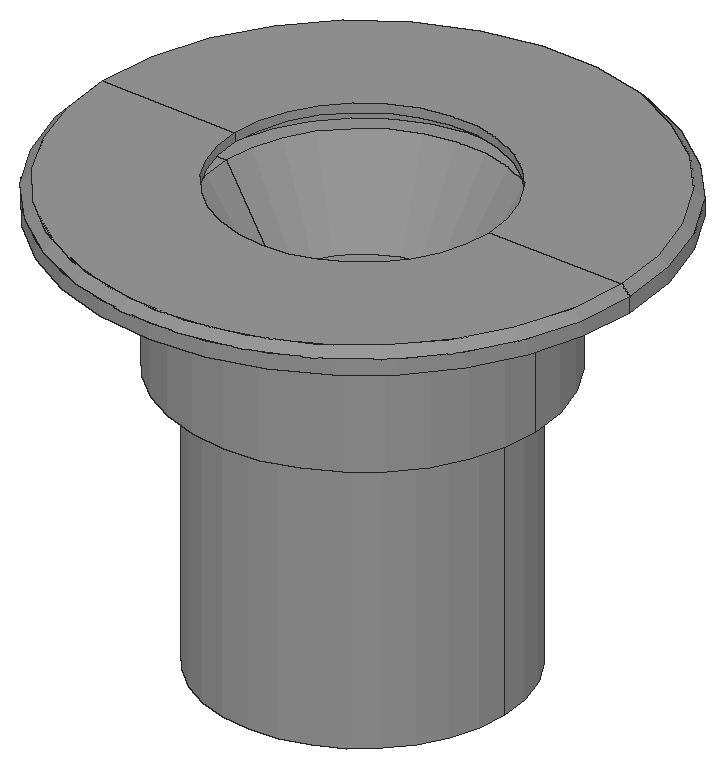
Revit family "0005173", category Lighting Fixtures, host Face, Revit 2017
Family settings
  Host = Face
  Round Connector Dimension = Use Diameter
  Part Type = Normal
  OmniClass Number = 23.80.70.00
  OmniClass Title = Lighting
  Cut with Voids When Loaded = No
  Light Source = No
  Shared = No
  Room Calculation Point = No
Parameters (values of type "0005173 START ECO SPOT ALU 760LM 840 IP44 BRA + WHT Refl")
  Weight = "kg"
  Wattage Comments = ""
  WarrantyStartDate [instance] = "n/a"
  WarrantyGuarantorParts = "n/a"
  WarrantyDurationUnit = "n/a"
  WarrantyDurationParts = "n/a"
  WarrantyDescription = "n/a"
  Voltage = 230 V
  URL = "http://www.sylvania-lighting.com"
  TypeName = "Start eco Spot Aluminium 800lm 840 IP44 BRA + WHT Refl"
  TypeLamp_SYL = START eco Spot Aluminium lamp : 0005173 START ECO SPOT ALU 760LM 840 IP44 BRA + WHT Refl
  Type Image = <None>
  Type Comments = "n/a"
  TiltAnfle_SYL [instance] = 0.00°
  SerialNumber [instance] = "n/a"
  PowerFactor = 0
  PowerConsumption = "9 W"
  NominalLength = 86 mm
  NominalHeight = 64 mm
  NominalDepth = 86 mm
  Name = "Start eco Spot Aluminium 800lm 840 IP44 BRA + WHT Refl"
  ModelReference = Name  # "Start eco Spot Aluminium 800lm 840 IP44 BRA + WHT Refl"
  ModelNumber = "0005173"
  Model = Name  # "Start eco Spot Aluminium 800lm 840 IP44 BRA + WHT Refl"
  Material = "n/a"
  ManufacturerName = "Feilo Sylvania"
  Manufacturer = "Feilo Sylvania"
  LuminousEfficacy = "88.88 lm/W"
  LuminaireType = ""
  LightOutputRatio = "n/a"
  LampsType = Lamp  # "LED"
  LampNominalLuminous = "800 lm"
  LampMacAdamStep = "n/a"
  LampColourTemperature = "4000 K"
  LampColourRenderingIndex = "80"
  Lamp = "LED"
  Keynote = "16500"
  InstallationDate [instance] = "n/a"
  InputVoltage = "220-240 V AC"
  InputNominalFrequency = "50/60 Hz"
  IngressProtection = "IP20/IP44"
  ImpactProtectionIndex = "IK03"
  IfcExportType = "IfcLightFixtureType"
  IfcExportAs = "IfcLightFixtureType"
  EndAngle_SYL [instance] = TiltAnfle_SYL + 180.00°  # 180.00°
  ElectricShockClassification = "Class II"
  DocumentationLiterature = "http://www.sylvania-lighting.com/product/en-int/products/0005173"
  DimmingControlOptions = "n/a"
  Material_2_SYL = Brushed Aluminum
  Description = "Integrated LED recessed spotlight, vertical tilt 30°, brushed aluminium bezel finish, black repleceable reflector, 760lm, 9.0W, dimmable trailing/leading edge, 4000K, 40° degree beam angle, polycarbonate and aluminium body, low profile 62mm recessed depth, IP44 from the front, IK03, loop-in/loop-out terminals for fast wiring, weight 0,165Kg, 85mm bezel diameter, 68-74mm cutout, clear lens. Additional white reflector included in the packaging. Lifetime: 30.000 hours at L70. Energy Class: A++, A+, A."
  Default Elevation = 1219.2 mm
  CreatedOn = "12/16/2019"
  CreatedBy = "@sylvania-lighting.com"
  Cost = 0
  built-in parameter 1114216 [instance] = (empty or 0)
  ClassificationValue = "EF_70_80"
  ClassificationName = "Uniclass2015"
  Material_1_SYL = Brushed Aluminum
  BarCode [instance] = "n/a"
  AssetType = "Fixed"
  AssetIdentifier [instance] = "n/a"
  Assembly Code = "D5020200"
  Apparent Load = 9 VA
Types (2, lengths in mm): name | TypeName | TypeLamp_SYL | Name | ModelReference | Model | LuminousEfficacy | LampNominalLuminous
  0005173 START ECO SPOT ALU 760LM 840 IP44 BRA + WHT Refl | "Start eco Spot Aluminium 800lm 840 IP44 BRA + WHT Refl" | START eco Spot Aluminium lamp : 0005173 START ECO SPOT ALU 760LM 840 IP44 BRA + WHT Refl | "Start eco Spot Aluminium 800lm 840 IP44 BRA + WHT Refl" | "Start eco Spot Aluminium 800lm 840 IP44 BRA + WHT Refl" | "Start eco Spot Aluminium 800lm 840 IP44 BRA + WHT Refl" | "88.88 lm/W" | "800 lm"
  0005173 START ECO SPOT ALU 760LM 840 IP44 BRA + BLK Refl | "Start eco Spot Aluminium 760lm 840 IP44 BRA + BLK Refl" | START eco Spot Aluminium lamp : 0005173 START ECO SPOT ALU 760LM 840 IP44 BRA + BLK Refl | "Start eco Spot Aluminium 760lm 840 IP44 BRA + BLK Refl" | "Start eco Spot Aluminium 760lm 840 IP44 BRA + BLK Refl" | "Start eco Spot Aluminium 760lm 840 IP44 BRA + BLK Refl" | "84.44 lm/W" | "760 lm"
Reference planes
  plane 1 "Center (Front/Back)": y = 0
  plane 2: z = 0
  plane 3 "Center (Left/Right)": x = 0
  plane 4: z = 4
  plane 5: z = 2.5
  plane 6: x = -47.8
  plane 7: x = -46.3
  plane 8: x = -24.2
  plane 9: x = -22.7
  plane 10: z = -10.75
  plane 11: x = -31
  plane 12: z = -25
  plane 13: z = -60
  plane 14: x = -27.4
Forms (mm)
  Revolve 1, solid, material "Brushed Aluminum" <- "Material_1_SYL"
    sketch origin (0, 0, 0) x (1, 0, 0) y (0, 0, 1)
      loop
        line (-22.7, 4) -> (-46.3, 4) -> (-47.8, 2.5) -> (-47.8, 0) -> (-31, 0) -> (-31, -25) -> (-27.4, -25) -> (-27.4, 2.5) -> (-22.7, 2.5) -> (-22.7, 4)
      axis (0, 4) -> (0, -25)
    angle from 360 to 0
  Revolve 2, void
    sketch origin (0, 0, 0) x (1, 0, 0) y (0, 0, 1)
      loop
        line (0, -70.042) -> (0, 0) -> (-31, 0) -> (-31, -70.042) -> (0, -70.042)
      axis (0, 0) -> (0, -70.042)
    angle from 360 to 0
  Revolve 3, solid, not visible
    sketch origin (-1534.635, -4572, -10.75) x (-1, 0, 0) y (0, -1, 0)
      loop
        line (-1534.635, -4572) -> (-1519.635, -4572) -> (-1519.635, -4564.52) -> (-1534.635, -4564.52) -> (-1534.635, -4572)
      axis (-1534.635, -4572) -> (-1519.635, -4572)
    angle from 0 <- "TiltAnfle_SYL" to 180 <- "EndAngle_SYL"
Dimensions and locks
  locked: plane 4 to plane 10 at 14.75
  aligned and locked: plane 2 to host face
  aligned and locked: level to host face
  aligned and locked: plane 4 to Revolve 1 sketch curve
  aligned and locked: plane 6 to Revolve 1 sketch curve
  aligned and locked: Revolve 1 sketch curve to plane 6
  aligned and locked: Revolve 1 sketch curve to level
  aligned and locked: Revolve 1 sketch curve to plane 11
  aligned and locked: Revolve 2 sketch curve to plane 3 "Center (Left/Right)"  (x2)
  aligned and locked: Revolve 1 to Revolve 2 sketch curve
  aligned and locked: Revolve 2 sketch curve to Revolve 1
  aligned and locked: Revolve 1 sketch curve to plane 3 "Center (Left/Right)"
  aligned and locked: Revolve 3 sketch curve to plane 1 "Center (Front/Back)"
  aligned and locked: Revolve 3 sketch curve to Revolve 3 sketch curve
  aligned and locked: plane 3 "Center (Left/Right)" to Revolve 3 sketch curve
  aligned and locked: plane 3 "Center (Left/Right)" to nested 1
  aligned and locked: Revolve 1 sketch curve to plane 14
  aligned and locked: Revolve 1 sketch curve to plane 5
Nested families
  nested 1: "START eco Spot Aluminium lamp" at (0, 0, -10.75), type <- "TypeLamp_SYL", type "0005173 START ECO SPOT ALU 760LM 840 IP44 BRA + WHT Refl"
    with WarrantyStartDate "n/a", SerialNumber "n/a", InstallationDate "n/a", built-in parameter 1114216 (empty or 0), BarCode "n/a", AssetIdentifier "n/a"
Connectors
  electrical at (0, 0, -60), driven by "PowerFactor", driven by "Apparent Load", driven by "Voltage"
    settings: on Revolve 1, index 1, voltage 230 V, apparent load 9 VA, apparent load phase1 0 VA, apparent load phase2 0 VA, apparent load phase3 0 VA, power factor 0, load classification "Other", number of poles 1, system type 30, power factor state 1, is connector primary yes, connector utility no, sub classification motor no, connector description ""
Definition of nested family "START eco Spot Aluminium lamp"
  Parameters (values of type "0005177 START ECO SPOT ALU 760LM 840 IP65 BRA")
    Weight = "kg"
    Wattage Comments = ""
    Wattage = 9 W
    WarrantyStartDate [instance] = "n/a"
    WarrantyGuarantorParts = "n/a"
    WarrantyDurationUnit = "n/a"
    WarrantyDurationParts = "n/a"
    WarrantyDescription = "n/a"
    built-in parameter 1150110 = 1 (stored number, unit not read)
    Voltage = 230 V
    URL = "http://www.sylvania-lighting.com"
    TypeName = "Start eco Spot Aluminium 760lm 840 IP65 BRA"
    Type Image = (empty or 0)
    Type Comments = "n/a"
    built-in parameter 1114217 = 1 (stored number, unit not read)
    Tilt Angle = -90.00°
    built-in parameter 1150109 = 1 (stored number, unit not read)
    built-in parameter 1150134 = 12
    built-in parameter 1150113 = 1 (stored number, unit not read)
    SerialNumber [instance] = "n/a"
    Photometric Web File = "0005177.ies"
    Material_3_SYL = none
    PowerFactor = 0
    PowerConsumption = "n/a"
    NominalLength = 0 mm
    NominalHeight = 0 mm
    NominalDepth = 0 mm
    Name = "Start eco Spot Aluminium 760lm 840 IP65 BRA"
    ModelReference = Name  # "Start eco Spot Aluminium 760lm 840 IP65 BRA"
    ModelNumber = "0005177"
    Model = Name  # "Start eco Spot Aluminium 760lm 840 IP65 BRA"
    Material = "n/a"
    ManufacturerName = "Feilo Sylvania"
    Manufacturer = "Feilo Sylvania"
    LuminousEfficacy = "n/a"
    built-in parameter 1150105 = 60.479 (stored number, unit not read)
    Lumens = 760 lm
    LuminaireType = ""
    built-in parameter 1150115 = 1 (stored number, unit not read)
    LightOutputRatio = "n/a"
    built-in parameter 1150137 = (empty or 0)
    built-in parameter 1150139 = (empty or 0)
    LampsType = Lamp  # "LED"
    LampNominalLuminous = "n/a"
    LampMacAdamStep = "n/a"
    LampColourTemperature = "n/a"
    LampColourRenderingIndex = "n/a"
    built-in parameter 1150112 = 1 (stored number, unit not read)
    built-in parameter 1150114 = 1 (stored number, unit not read)
    Lamp = "LED"
    Keynote = "16500"
    InstallationDate [instance] = "n/a"
    InputVoltage = "n/a"
    InputNominalFrequency = "n/a"
    built-in parameter 1150132 = (empty or 0)
    built-in parameter 1150102 = (empty or 0)
    built-in parameter 1150107 = 4000 (stored number, unit not read)
    built-in parameter 1150138 = (empty or 0)
    IngressProtection = "n/a"
    ImpactProtectionIndex = "n/a"
    built-in parameter 1150106 = 0.60479 (stored number, unit not read)
    IfcExportType = "IfcLightFixtureType"
    IfcExportAs = "IfcLightFixtureType"
    Emit from Circle Diameter = 48.4 mm
    Emit Shape Visible in Rendering = no
    ElectricShockClassification = "Class II"
    built-in parameter 1150104 = 7.8451 (stored number, unit not read)
    DocumentationLiterature = "http://www.sylvania-lighting.com/product/en-int/products/0005177"
    DimmingControlOptions = "n/a"
    Material_2_SYL = none
    Dimming Lamp Color Temperature Shift = (empty or 0)
    Description = "Integrated LED recessed spotlight, vertical tilt 30°, brushed aluminium bezel finish, black reflector, 760lm, 9.0W, dimmable trailing/leading edge, 4000K, 40° degree beam angle, polycarbonate and aluminium body, low profile 62mm recessed depth, IP65 from the front, IK03, loop-in/loop-out terminals for fast wiring, weight 0,165Kg, 85mm bezel diameter, 68-74mm cutout, clear lens. Lifetime: 30.000 hours at L70. Energy Class: A++, A+, A."
    Default Elevation = 1219.2 mm
    CreatedOn = "12/16/2019"
    CreatedBy = "@sylvania-lighting.com"
    Cost = 0
    Color Filter = 16777215
    built-in parameter 1114216 [instance] = (empty or 0)
    ClassificationValue = "EF_70_80"
    ClassificationName = "Uniclass2015"
    Material_1_SYL = none
    BarCode [instance] = "n/a"
    built-in parameter 1114218 = 1 (stored number, unit not read)
    built-in parameter 1150133 = 10 (stored number, unit not read)
    AssetType = "Fixed"
    AssetIdentifier [instance] = "n/a"
    Assembly Code = "D5020200"
    Apparent Load = 9 VA
    Material_4_SYL = none
  Types (12, lengths in mm): name | TypeName | built-in parameter 1150134 | Photometric Web File | Name | ModelReference | ModelNumber | Model | built-in parameter 1150105 | Lumens | built-in parameter 1150107 | built-in parameter 1150106 | built-in parameter 1150104 | DocumentationLiterature | Description
    0005177 START ECO SPOT ALU 760LM 840 IP65 BRA | "Start eco Spot Aluminium 760lm 840 IP65 BRA" | 12 | "0005177.ies" | "Start eco Spot Aluminium 760lm 840 IP65 BRA" | "Start eco Spot Aluminium 760lm 840 IP65 BRA" | "0005177" | "Start eco Spot Aluminium 760lm 840 IP65 BRA" | 60.479 (stored number, unit not read) | 760 lm | 4000 (stored number, unit not read) | 0.60479 (stored number, unit not read) | 7.8451 (stored number, unit not read) | "http://www.sylvania-lighting.com/product/en-int/products/0005177" | "Integrated LED recessed spotlight, vertical tilt 30°, brushed aluminium bezel finish, black reflector, 760lm, 9.0W, dimmable trailing/leading edge, 4000K, 40° degree beam angle, polycarbonate and aluminium body, low profile 62mm recessed depth, IP65 from the front, IK03, loop-in/loop-out terminals for fast wiring, weight 0,165Kg, 85mm bezel diameter, 68-74mm cutout, clear lens. Lifetime: 30.000 hours at L70. Energy Class: A++, A+, A."
    0005176 START ECO SPOT ALU 660LM 830 IP65 BRA | "Start eco Spot Aluminium 660lm 830 IP65 BRA" | (empty or 0) | "0005176.ies" | "Start eco Spot Aluminium 660lm 830 IP65 BRA" | "Start eco Spot Aluminium 660lm 830 IP65 BRA" | "0005176" | "Start eco Spot Aluminium 660lm 830 IP65 BRA" | 52.521 (stored number, unit not read) | 660 lm | 3000 (stored number, unit not read) | 0.52521 (stored number, unit not read) | 6.8129 (stored number, unit not read) | "http://www.sylvania-lighting.com/product/en-int/products/0005176" | "Integrated LED recessed spotlight, vertical tilt 30°, brushed aluminium bezel finish, black reflector, 660lm, 9.0W, dimmable trailing/leading edge, 3000K, 40° degree beam angle, polycarbonate and aluminium body, low profile 62mm recessed depth, IP65 from the front, IK03, loop-in/loop-out terminals for fast wiring, weight 0,165Kg, 85mm bezel diameter, 68-74mm cutout, clear lens. Lifetime: 30.000 hours at L70. Energy Class: A++, A+, A."
    0005175 START ECO SPOT ALU 800LM 840 IP65 WHT | "Start eco Spot Aluminium 800lm 840 IP65 WHT" | 12 | "0005175.ies" | "Start eco Spot Aluminium 800lm 840 IP65 WHT" | "Start eco Spot Aluminium 800lm 840 IP65 WHT" | "0005175" | "Start eco Spot Aluminium 800lm 840 IP65 WHT" | 63.662 (stored number, unit not read) | 800 lm | 4000 (stored number, unit not read) | 0.63662 (stored number, unit not read) | 8.258 (stored number, unit not read) | "http://www.sylvania-lighting.com/product/en-int/products/0005175" | "Integrated LED recessed spotlight, vertical tilt 30°, white bezel colour, white reflector, 800lm, 9.0W, dimmable trailing/leading edge, 4000K, 40° degree beam angle, polycarbonate and aluminium body, low profile 62mm recessed depth, IP65 from the front, IK03, loop-in/loop-out terminals for fast wiring, weight 0,165Kg, 85mm bezel diameter, 68-74mm cutout, clear lens. Lifetime: 30.000 hours at L70. Energy Class: A++, A+, A."
    0005174 START ECO SPOT ALU 740LM 830 IP65 WHT | "Start eco Spot Aluminium 740lm 830 IP65 WHT" | (empty or 0) | "0005174.ies" | "Start eco Spot Aluminium 740lm 830 IP65 WHT" | "Start eco Spot Aluminium 740lm 830 IP65 WHT" | "0005174" | "Start eco Spot Aluminium 740lm 830 IP65 WHT" | 58.887 (stored number, unit not read) | 740 lm | 3000 (stored number, unit not read) | 0.58887 (stored number, unit not read) | 7.6387 (stored number, unit not read) | "http://www.sylvania-lighting.com/product/en-int/products/0005174" | "Integrated LED recessed spotlight, vertical tilt 30°, white bezel colour, white reflector, 740lm, 9.0W, dimmable trailing/leading edge, 3000K, 40° degree beam angle, polycarbonate and aluminium body, low profile 62mm recessed depth, IP65 from the front, IK03, loop-in/loop-out terminals for fast wiring, weight 0,165Kg, 85mm bezel diameter, 68-74mm cutout, clear lens. Lifetime: 30.000 hours at L70. Energy Class: A++, A+, A."
    0005173 START ECO SPOT ALU 760LM 840 IP44 BRA + BLK Refl | "Start eco Spot Aluminium 760lm 840 IP44 BRA + BLK Refl" | 12 | "0005173_BLK_REFL.ies" | "Start eco Spot Aluminium 760lm 840 IP44 BRA + BLK Refl" | "Start eco Spot Aluminium 760lm 840 IP44 BRA + BLK Refl" | "0005173" | "Start eco Spot Aluminium 760lm 840 IP44 BRA + BLK Refl" | 60.479 (stored number, unit not read) | 760 lm | 4000 (stored number, unit not read) | 0.60479 (stored number, unit not read) | 7.8451 (stored number, unit not read) | "http://www.sylvania-lighting.com/product/en-int/products/0005173" | "Integrated LED recessed spotlight, vertical tilt 30°, brushed aluminium bezel finish, black repleceable reflector, 760lm, 9.0W, dimmable trailing/leading edge, 4000K, 40° degree beam angle, polycarbonate and aluminium body, low profile 62mm recessed depth, IP44 from the front, IK03, loop-in/loop-out terminals for fast wiring, weight 0,165Kg, 85mm bezel diameter, 68-74mm cutout, clear lens. Additional white reflector included in the packaging. Lifetime: 30.000 hours at L70. Energy Class: A++, A+, A."
    0005173 START ECO SPOT ALU 760LM 840 IP44 BRA + WHT Refl | "Start eco Spot Aluminium 800lm 840 IP44 BRA + WHT Refl" | 12 | "0005173_WHT_REFL.ies" | "Start eco Spot Aluminium 800lm 840 IP44 BRA + WHT Refl" | "Start eco Spot Aluminium 800lm 840 IP44 BRA + WHT Refl" | "0005173" | "Start eco Spot Aluminium 800lm 840 IP44 BRA + WHT Refl" | 63.662 (stored number, unit not read) | 800 lm | 4000 (stored number, unit not read) | 0.63662 (stored number, unit not read) | 8.258 (stored number, unit not read) | "http://www.sylvania-lighting.com/product/en-int/products/0005173" | "Integrated LED recessed spotlight, vertical tilt 30°, brushed aluminium bezel finish, black repleceable reflector, 760lm, 9.0W, dimmable trailing/leading edge, 4000K, 40° degree beam angle, polycarbonate and aluminium body, low profile 62mm recessed depth, IP44 from the front, IK03, loop-in/loop-out terminals for fast wiring, weight 0,165Kg, 85mm bezel diameter, 68-74mm cutout, clear lens. Additional white reflector included in the packaging. Lifetime: 30.000 hours at L70. Energy Class: A++, A+, A."
    0005172 START ECO SPOT ALU 660LM 830 IP44 BRA + BLK Refl | "Start eco Spot Aluminium 660lm 830 IP44 BRA + BLK Refl" | (empty or 0) | "0005172_BLK_REFL.ies" | "Start eco Spot Aluminium 660lm 830 IP44 BRA + BLK Refl" | "Start eco Spot Aluminium 660lm 830 IP44 BRA + BLK Refl" | "0005172" | "Start eco Spot Aluminium 660lm 830 IP44 BRA + BLK Refl" | 52.521 (stored number, unit not read) | 660 lm | 3000 (stored number, unit not read) | 0.52521 (stored number, unit not read) | 6.8129 (stored number, unit not read) | "http://www.sylvania-lighting.com/product/en-int/products/0005172" | "Integrated LED recessed spotlight, vertical tilt 30°, brushed aluminium bezel finish, black repleceable reflector, 660lm, 9.0W, dimmable trailing/leading edge, 3000K, 40° degree beam angle, polycarbonate and aluminium body, low profile 62mm recessed depth, IP44 from the front, IK03, loop-in/loop-out terminals for fast wiring, weight 0,165Kg, 85mm bezel diameter, 68-74mm cutout, clear lens. Additional white reflector included in the packaging. Lifetime: 30.000 hours at L70. Energy Class: A++, A+, A."
    0005172 START ECO SPOT ALU 660LM 830 IP44 BRA + WHT Refl | "Start eco Spot Aluminium 740lm 830 IP44 BRA + WHT Refl" | (empty or 0) | "0005172_WHT_REFL.ies" | "Start eco Spot Aluminium 740lm 830 IP44 BRA + WHT Refl" | "Start eco Spot Aluminium 740lm 830 IP44 BRA + WHT Refl" | "0005172" | "Start eco Spot Aluminium 740lm 830 IP44 BRA + WHT Refl" | 58.887 (stored number, unit not read) | 740 lm | 3000 (stored number, unit not read) | 0.58887 (stored number, unit not read) | 7.6387 (stored number, unit not read) | "http://www.sylvania-lighting.com/product/en-int/products/0005172" | "Integrated LED recessed spotlight, vertical tilt 30°, brushed aluminium bezel finish, black repleceable reflector, 660lm, 9.0W, dimmable trailing/leading edge, 3000K, 40° degree beam angle, polycarbonate and aluminium body, low profile 62mm recessed depth, IP44 from the front, IK03, loop-in/loop-out terminals for fast wiring, weight 0,165Kg, 85mm bezel diameter, 68-74mm cutout, clear lens. Additional white reflector included in the packaging. Lifetime: 30.000 hours at L70. Energy Class: A++, A+, A."
    0005171 START ECO SPOT ALU 800LM 840 IP44 WHT + BLK Refl | "Start eco Spot Aluminium 760lm 840 IP44 WHT + BLK Refl" | 12 | "0005171_BLK_REFL.ies" | "Start eco Spot Aluminium 760lm 840 IP44 WHT + BLK Refl" | "Start eco Spot Aluminium 760lm 840 IP44 WHT + BLK Refl" | "0005171" | "Start eco Spot Aluminium 760lm 840 IP44 WHT + BLK Refl" | 60.479 (stored number, unit not read) | 760 lm | 4000 (stored number, unit not read) | 0.60479 (stored number, unit not read) | 7.8451 (stored number, unit not read) | "http://www.sylvania-lighting.com/product/en-int/products/0005171" | "Integrated LED recessed spotlight, vertical tilt 30°, white bezel colour, white repleceable reflector, 800lm, 9.0W, dimmable trailing/leading edge, 4000K, 40° degree beam angle, polycarbonate and aluminium body, low profile 62mm recessed depth, IP44 from the front, IK03, loop-in/loop-out terminals for fast wiring, weight 0,165Kg, 85mm bezel diameter, 68-74mm cutout, clear lens. Additional black reflector included in the packaging. Lifetime: 30.000 hours at L70. Energy Class: A++, A+, A."
    0005171 START ECO SPOT ALU 800LM 840 IP44 WHT + WHT Refl | "Start eco Spot Aluminium 800lm 840 IP44 WHT + WHT Refl" | 12 | "0005171_WHT_REFL.ies" | "Start eco Spot Aluminium 800lm 840 IP44 WHT + WHT Refl" | "Start eco Spot Aluminium 800lm 840 IP44 WHT + WHT Refl" | "0005171" | "Start eco Spot Aluminium 800lm 840 IP44 WHT + WHT Refl" | 63.662 (stored number, unit not read) | 800 lm | 4000 (stored number, unit not read) | 0.63662 (stored number, unit not read) | 8.258 (stored number, unit not read) | "http://www.sylvania-lighting.com/product/en-int/products/0005171" | "Integrated LED recessed spotlight, vertical tilt 30°, white bezel colour, white repleceable reflector, 800lm, 9.0W, dimmable trailing/leading edge, 4000K, 40° degree beam angle, polycarbonate and aluminium body, low profile 62mm recessed depth, IP44 from the front, IK03, loop-in/loop-out terminals for fast wiring, weight 0,165Kg, 85mm bezel diameter, 68-74mm cutout, clear lens. Additional black reflector included in the packaging. Lifetime: 30.000 hours at L70. Energy Class: A++, A+, A."
    0005170 START ECO SPOT ALU 740LM 830 IP44 WHT + BLK Refl | "Start eco Spot Aluminium 660lm 830 IP44 WHT + BLK Refl" | (empty or 0) | "0005170_BLK_REFL.ies" | "Start eco Spot Aluminium 660lm 830 IP44 WHT + BLK Refl" | "Start eco Spot Aluminium 660lm 830 IP44 WHT + BLK Refl" | "0005170" | "Start eco Spot Aluminium 660lm 830 IP44 WHT + BLK Refl" | 52.521 (stored number, unit not read) | 660 lm | 3000 (stored number, unit not read) | 0.52521 (stored number, unit not read) | 6.8129 (stored number, unit not read) | "http://www.sylvania-lighting.com/product/en-int/products/0005170" | "Integrated LED recessed spotlight, vertical tilt 30°, white bezel colour, white repleceable reflector, 740lm, 9.0W, dimmable trailing/leading edge, 3000K, 40° degree beam angle, polycarbonate and aluminium body, low profile 62mm recessed depth, IP44 from the front, IK03, loop-in/loop-out terminals for fast wiring, weight 0,165Kg, 85mm bezel diameter, 68-74mm cutout, clear lens. Additional black reflector included in the packaging. Lifetime: 30.000 hours at L70. Energy Class: A++, A+, A."
    0005170 START ECO SPOT ALU 740LM 830 IP44 WHT + WHT Refl | "Start eco Spot Aluminium 740lm 830 IP44 WHT + WHT Refl" | (empty or 0) | "0005170_WHT_REFL.ies" | "Start eco Spot Aluminium 740lm 830 IP44 WHT + WHT Refl" | "Start eco Spot Aluminium 740lm 830 IP44 WHT + WHT Refl" | "0005170" | "Start eco Spot Aluminium 740lm 830 IP44 WHT + WHT Refl" | 58.887 (stored number, unit not read) | 740 lm | 3000 (stored number, unit not read) | 0.58887 (stored number, unit not read) | 7.6387 (stored number, unit not read) | "http://www.sylvania-lighting.com/product/en-int/products/0005170" | "Integrated LED recessed spotlight, vertical tilt 30°, white bezel colour, white repleceable reflector, 740lm, 9.0W, dimmable trailing/leading edge, 3000K, 40° degree beam angle, polycarbonate and aluminium body, low profile 62mm recessed depth, IP44 from the front, IK03, loop-in/loop-out terminals for fast wiring, weight 0,165Kg, 85mm bezel diameter, 68-74mm cutout, clear lens. Additional black reflector included in the packaging. Lifetime: 30.000 hours at L70. Energy Class: A++, A+, A."
  Reference planes
    plane 1 "Center (Front/Back)": y = 0
    plane 2: z = 0
    plane 3 "Center (Left/Right)": x = 0
    plane 4: x = -27.3
    plane 5: z = 9.8
    plane 6: x = -24.3
    plane 7: x = -15.2
    plane 8: x = -25.4
    plane 9: z = -6
    plane 10: z = -7
    plane 11: z = -61.6
    plane 12: z = -5.2
  Forms (mm)
    Extrusion 1, solid
      sketch origin (1159.2, -1159.2, 0) x (1, 0, 0) y (0, 1, 0)
        loop
          line (-1219.2, 1219.2) -> (-1219.2, 1099.2) -> (-1099.2, 1099.2) -> (-1099.2, 1219.2) -> (-1219.2, 1219.2)
      from 0 to -68.017
    Revolve 2, solid, material <- "Material_1_SYL"
      sketch origin (0, 0, 0) x (1, 0, 0) y (0, 0, 1)
        loop
          line (0, -5.2) -> (-15.2, -5.2) -> (-24.3, 9.8) -> (-27.3, 9.8) -> (-27.3, -6) -> (-25.4, -7) -> (-25.4, -61.6) -> (0, -61.6) -> (0, -5.2)
        axis (0, 9.8) -> (0, -61.6)
      angle from 360 to 0
  Dimensions and locks
    locked: plane 3 "Center (Left/Right)" to plane 4 at 27.3
    locked: plane 5 to plane 2 at 9.8
    plane 3 "Center (Left/Right)" to plane 7 to plane 6 to plane 8 = 15.2 mm locked, 9.1 mm locked, 1.1 mm locked
    plane 2 to plane 9 to plane 10 = 6 mm locked, 1 mm locked
    locked: plane 2 to plane 11 at 61.6
    locked: plane 5 to plane 12 at 15
    aligned and locked: plane 2 to Extrusion 1
    aligned and locked: level to Extrusion 1
    aligned and locked: imposter light to plane 1 "Center (Front/Back)"
    aligned and locked: Revolve 2 sketch curve to plane 3 "Center (Left/Right)"
    aligned and locked: plane 3 "Center (Left/Right)" to Revolve 2 sketch curve  (x2)
    aligned and locked: plane 7 to Revolve 2 sketch curve
    aligned and locked: Revolve 2 sketch curve to plane 12
    aligned and locked: plane 6 to Revolve 2 sketch curve
    aligned and locked: Revolve 2 sketch curve to plane 5
    aligned and locked: Revolve 2 sketch curve to plane 4
    aligned and locked: plane 10 to Revolve 2 sketch curve
    aligned and locked: Revolve 2 sketch curve to plane 8
    aligned and locked: Revolve 2 sketch curve to plane 11
    aligned and locked: imposter light to plane 5
